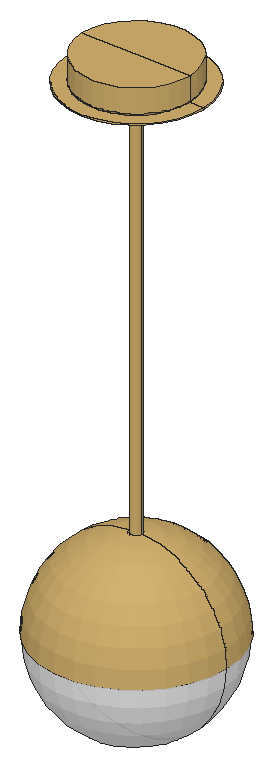
Revit family "3-6901 Mondo Pendant", category Lighting Fixtures, host Ceiling, Revit 2018
Family settings
  Host = Ceiling
  Round Connector Dimension = Use Diameter
  Part Type = Normal
  OmniClass Number = 23.80.70.11
  OmniClass Title = Luminaries for Internal Lighting
  Always vertical = Yes
  Cut with Voids When Loaded = No
  Light Source = Yes
  Shared = No
  Room Calculation Point = No
Parameters (values of type "3-6901-4040 / Aged Brass - Matte Opal Glass")
  Wattage Comments = "6.93 W at 120 V"  # constant formula
  Wattage = 6.93 W
  built-in parameter 1150110 = 1 (stored number, unit not read)
  Voltage Input = "120 V or 277 V - 50/60 Hz"  # constant formula
  Voltage = 120 V
  URL = "www.oxygenlighting.com"
  built-in parameter 1114217 = 1 (stored number, unit not read)
  Tilt Angle = 90.00°  # constant formula
  built-in parameter 1150109 = 1 (stored number, unit not read)
  built-in parameter 1150134 = 12
  built-in parameter 1150113 = 1 (stored number, unit not read)
  References = "Ref. 3 = 120 V / Ref. 37 = 277 V"  # constant formula
  Photometric Web File = "3-6901-40 Mondo Pendant.ies"
  Model = "3-6901-xx / Mondo Pendant"  # constant formula
  Metal Finish = 40 - Aged Brass
  Manufacturer = "Oxygen - Lighting & Fans"  # constant formula
  Lumens = 350.658 lm
  built-in parameter 1150115 = 1 (stored number, unit not read)
  built-in parameter 1150105 = 27.904 (stored number, unit not read)
  built-in parameter 1150137 = (empty or 0)
  built-in parameter 1150139 = (empty or 0)
  built-in parameter 1150112 = 1 (stored number, unit not read)
  built-in parameter 1150114 = 1 (stored number, unit not read)
  Lamp = "LED Array"  # constant formula
  built-in parameter 1150132 = (empty or 0)
  built-in parameter 1150102 = (empty or 0)
  built-in parameter 1150138 = (empty or 0)
  built-in parameter 1150107 = 4000 (stored number, unit not read)
  built-in parameter 1150106 = 0.27904 (stored number, unit not read)
  built-in parameter 1150104 = 4.7009 (stored number, unit not read)
  Dimming Lamp Color Temperature Shift = <None>
  Main Diffuser = Matte Opal Glass
  Color Filter = 16777215
  built-in parameter 1114218 = 1 (stored number, unit not read)
  built-in parameter 1150133 = 10 (stored number, unit not read)
Types (13): name | built-in parameter 1150134 | Metal Finish | built-in parameter 1150107
  (no name) | 12 | 40 - Aged Brass | 4000 (stored number, unit not read)
  3-6901-24 / Satin Nickel - Matte Opal Glass | (empty or 0) | 24 - Satin Nickel | 3000 (stored number, unit not read)
  3-6901-40 / Aged Brass - Matte Opal Glass | (empty or 0) | 40 - Aged Brass | 3000 (stored number, unit not read)
  3-6901-15 / Black - Matte Opal Glass | (empty or 0) | 15 - Black | 3000 (stored number, unit not read)
  3-6901-2715 / Black - Matte Opal Glass | (empty or 0) | 15 - Black | 2700 (stored number, unit not read)
  3-6901-2724 / Satin Nickel - Matte Opal Glass | (empty or 0) | 24 - Satin Nickel | 3000 (stored number, unit not read)
  3-6901-2740 / Aged Brass - Matte Opal Glass | (empty or 0) | 40 - Aged Brass | 2700 (stored number, unit not read)
  3-6901-3515 / Black - Matte Opal Glass | (empty or 0) | 15 - Black | 3500 (stored number, unit not read)
  3-6901-3524 / Satin Nickel - Matte Opal Glass | (empty or 0) | 24 - Satin Nickel | 3500 (stored number, unit not read)
  3-6901-3540 / Aged Brass - Matte Opal Glass | (empty or 0) | 40 - Aged Brass | 3500 (stored number, unit not read)
  3-6901-4015 / Black - Matte Opal Glass | 12 | 15 - Black | 4000 (stored number, unit not read)
  3-6901-4024 / Satin Nickel - Matte Opal Glass | 12 | 24 - Satin Nickel | 4000 (stored number, unit not read)
  3-6901-4040 / Aged Brass - Matte Opal Glass | 12 | 40 - Aged Brass | 4000 (stored number, unit not read)
Reference planes (in)
  plane 1 "Light Source Axis (F/B)": y = 0
  plane 2 "Ceiling": z = 96
  plane 3 "Light Source Axis (L/R)": x = 0
  plane 4 "Light Source Elevation": z = 73.32692
  plane 5: z = 94.87795
  plane 6: z = 94.6811
Forms (in)
  Extrusion 1, solid, material "40 - Aged Brass" <- "Metal Finish"
    sketch origin (0, 0, 0) x (1, 0, 0) y (0, 1, 0)
      loop
        line (0, 0.62961) -> (-0.05867, 0.59573) -> (-0.12283, 0.61751) -> (-0.17377, 0.57284) -> (-0.24094, 0.58168) -> (-0.28218, 0.52793) -> (-0.34979, 0.5235) -> (-0.37976, 0.46273) -> (-0.4452, 0.4452) -> (-0.46273, 0.37976) -> (-0.5235, 0.34979) -> (-0.52793, 0.28218) -> (-0.58168, 0.24094) -> (-0.57284, 0.17377) -> (-0.61751, 0.12283) -> (-0.59573, 0.05867) -> (-0.62961, 0) -> (-0.59573, -0.05867) -> (-0.61751, -0.12283) -> (-0.57284, -0.17377) -> (-0.58168, -0.24094) -> (-0.52793, -0.28218) -> (-0.5235, -0.34979) -> (-0.46273, -0.37976) -> (-0.4452, -0.4452) -> (-0.37976, -0.46273) -> (-0.34979, -0.5235) -> (-0.28218, -0.52793) -> (-0.24094, -0.58168) -> (-0.17377, -0.57284) -> (-0.12283, -0.61751) -> (-0.05867, -0.59573) -> (0, -0.62961) -> (0.05867, -0.59573) -> (0.12283, -0.61751) -> (0.17377, -0.57284) -> (0.24094, -0.58168) -> (0.28218, -0.52793) -> (0.34979, -0.5235) -> (0.37976, -0.46273) -> (0.4452, -0.4452) -> (0.46273, -0.37976) -> (0.5235, -0.34979) -> (0.52793, -0.28218) -> (0.58168, -0.24094) -> (0.57284, -0.17377) -> (0.61751, -0.12283) -> (0.59573, -0.05867) -> (0.62961, 0) -> (0.59573, 0.05867) -> (0.61751, 0.12283) -> (0.57284, 0.17377) -> (0.58168, 0.24094) -> (0.52793, 0.28218) -> (0.5235, 0.34979) -> (0.46273, 0.37976) -> (0.4452, 0.4452) -> (0.37976, 0.46273) -> (0.34979, 0.5235) -> (0.28218, 0.52793) -> (0.24094, 0.58168) -> (0.17377, 0.57284) -> (0.12283, 0.61751) -> (0.05867, 0.59573) -> (0, 0.62961)
    from 94.6811 to 94.87795
  Revolve 2, solid, material "40 - Aged Brass" <- "Metal Finish"
    sketch origin (0, 0, 0) x (1, 0, 0) y (0, 0, 1)
      loop
        line (2.3622, 96) -> (0, 96) -> (0, 94.87795) -> (2.95276, 94.87795) -> (2.95276, 94.93701) -> (2.32283, 94.93701)
        arc (2.32283, 94.93701) -> (2.35067, 94.94854) -> (2.3622, 94.97638) r 0.03937
        line (2.3622, 94.97638) -> (2.3622, 96)
      loop
        line (0.47244, 94.64173) -> (0.47244, 94.6811) -> (0, 94.6811) -> (0, 77.29638) -> (0.23622, 77.29638) -> (0.23622, 93.93307) -> (0.31496, 93.93307) -> (0.31496, 94.01181) -> (0.20669, 94.01181) -> (0.20669, 94.07087)
        arc (0.20669, 94.07087) -> (0.25783, 94.11561) -> (0.29948, 94.16929) r 0.35433
        line (0.29948, 94.16929) -> (0.43307, 94.16929) -> (0.43307, 94.60236) -> (0.47244, 94.64173)
      axis (0, 96) -> (0, 77.29638)
    angle from 0 to 360
  Revolve 3, solid, material "40 - Aged Brass" <- "Metal Finish"
    sketch origin (0, 0, 0) x (1, 0, 0) y (0, 0, 1)
      loop
        arc (3.97638, 73.32692) -> (2.90843, 76.04114) -> (0.27559, 77.29638) r 3.97638
        line (0.27559, 77.29638) -> (0, 77.29638) -> (0, 77.25638) -> (0.2742, 77.25638)
        arc (0.2742, 77.25638) -> (2.87965, 76.01335) -> (3.93638, 73.32692) r 3.93638
        line (3.93638, 73.32692) -> (3.97638, 73.32692)
      axis (0, 77.29638) -> (0, 73.32692)
    angle from 0 to 360
  Revolve 4, solid, material "Matte Opal Glass" <- "Main Diffuser"
    sketch origin (0, 0, 0) x (1, 0, 0) y (0, 0, 1)
      loop
        arc (0, 69.38992) -> (2.78388, 70.54304) -> (3.93701, 73.32692) r 3.93701
        line (3.93701, 73.32692) -> (0, 73.32692) -> (0, 69.38992)
      axis (0, 73.32692) -> (0, 69.38992)
    angle from 0 to 360
Dimensions and locks (in)
  equal spacing: host sketch curve, plane 3 "Light Source Axis (L/R)", host sketch curve
  equal spacing: host sketch curve, plane 1 "Light Source Axis (F/B)", host sketch curve
  host sketch curve to host sketch curve = 120.00"  (x2)
  plane 2 "Ceiling" to plane 4 "Light Source Elevation" = 22.67308"
  locked: plane 5 to plane 6 at 0.19685
  locked: plane 2 "Ceiling" to plane 5 at 1.12205
  aligned and locked: plane 3 "Light Source Axis (L/R)" to imposter light
  aligned and locked: plane 1 "Light Source Axis (F/B)" to imposter light
  aligned and locked: plane 4 "Light Source Elevation" to imposter light
  aligned and locked: Extrusion 1 to plane 5
  aligned and locked: plane 6 to Extrusion 1
  aligned and locked: Revolve 2 sketch curve to plane 3 "Light Source Axis (L/R)"
  aligned and locked: Revolve 2 sketch curve to plane 2 "Ceiling"
Connectors (in)
  electrical at (0, 0, 96), driven by "Voltage"
    settings: on Revolve 2, index 1, voltage 120 V, apparent load 0 VA, apparent load phase1 0 VA, apparent load phase2 0 VA, apparent load phase3 0 VA, power factor 1, load classification "Other", number of poles 1, system type 31, power factor state 1, is connector primary yes, connector utility no, sub classification motor no, connector description ""
